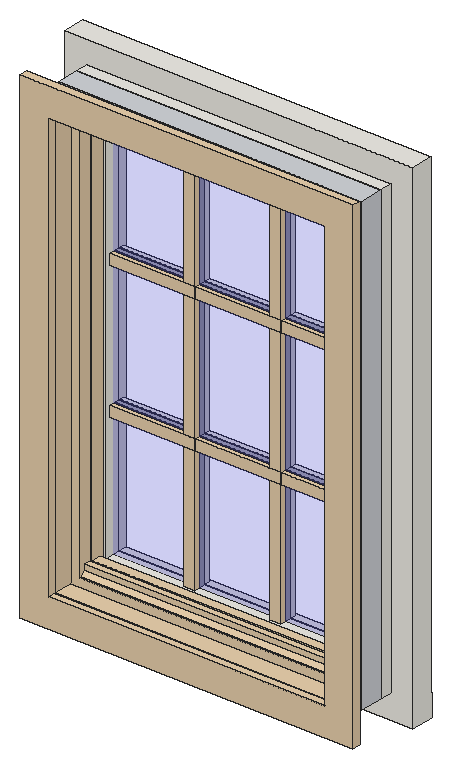
Revit family "Window-Casement-Andersen-400_Series 2", category Windows, host Wall, Revit 2013 (continued)
Dimensions and locks (in)
  aligned and locked: plane 37 "T Casing 4" to Masking region 7 sketch curve
  aligned and locked: plane 17 "L Casing 4" to Masking region 7 sketch curve
  aligned and locked: Masking region 7 sketch curve to plane 27 "R Casing 4"
  aligned and locked: Masking region 7 sketch curve to plane 43 "B Casing 2"
  aligned and locked: plane 7 "T Frame" to Masking region 8 sketch curve
  aligned and locked: plane 5 "L Frame" to Masking region 8 sketch curve
  aligned and locked: Masking region 8 sketch curve to plane 4 "R Frame"
  aligned and locked: Masking region 8 sketch curve to plane 6 "B Frame"
  aligned and locked: plane 29 "T Glazing" to curve 34
  aligned and locked: curve 36 to plane 18 "R Glazing"
  aligned and locked: plane 8 "L Glazing" to curve 35
  aligned and locked: curve 37 to plane 39 "B Glazing"
  aligned and locked: plane 7 "T Frame" to Masking region 9 sketch curve
  aligned and locked: Masking region 9 sketch curve to plane 4 "R Frame"
  aligned and locked: plane 5 "L Frame" to Masking region 9 sketch curve
  aligned and locked: Masking region 9 sketch curve to plane 6 "B Frame"
  aligned and locked: plane 31 "T Xjamb 1" to Masking region 10 sketch curve
  aligned and locked: Masking region 10 sketch curve to plane 21 "R Xjamb 1"
  aligned and locked: plane 11 "L Xjamb 1" to Masking region 10 sketch curve
  aligned and locked: Masking region 10 sketch curve to plane 56 "B Xjamb 1"
  aligned and locked: Masking region 10 sketch curve to plane 44 "B Int Casing"
  aligned and locked: plane 45 "L Int Casing" to Masking region 10 sketch curve
  aligned and locked: Masking region 10 sketch curve to plane 28 "R Int Casing"
  aligned and locked: plane 38 "T Int Casing" to Masking region 10 sketch curve
  aligned and locked: plane 5 "L Frame" to curve 43
  aligned and locked: Masking region 3 sketch curve to host wall
  aligned and locked: plane 31 "T Xjamb 1" to Extrusion 3 sketch curve
  aligned and locked: plane 33 "T Xjamb 2" to Extrusion 3 sketch curve
  aligned and locked: Extrusion 3 sketch curve to plane 21 "R Xjamb 1"
  aligned and locked: Extrusion 3 sketch curve to plane 23 "R Xjamb 2"
  aligned and locked: plane 11 "L Xjamb 1" to Extrusion 3 sketch curve
  aligned and locked: plane 13 "L Xjamb 2" to Extrusion 3 sketch curve
  aligned and locked: Extrusion 3 sketch curve to plane 56 "B Xjamb 1"
  aligned and locked: Extrusion 3 sketch curve to plane 41 "B Xjamb 2"
  aligned and locked: plane 31 "T Xjamb 1" to Extrusion 4 sketch curve
  aligned and locked: plane 38 "T Int Casing" to Extrusion 4 sketch curve
  aligned and locked: Extrusion 4 sketch curve to plane 21 "R Xjamb 1"
  aligned and locked: Extrusion 4 sketch curve to plane 28 "R Int Casing"
  aligned and locked: plane 11 "L Xjamb 1" to Extrusion 4 sketch curve
  aligned and locked: plane 45 "L Int Casing" to Extrusion 4 sketch curve
  aligned and locked: Extrusion 4 sketch curve to plane 56 "B Xjamb 1"
  aligned and locked: Extrusion 4 sketch curve to plane 44 "B Int Casing"
  aligned and locked: Extrusion 4 to host wall
  aligned and locked: Extrusion 4 to plane 58 "Interior Casing"
  aligned and locked: plane 43 "B Casing 2" to Extrusion 5 sketch curve
  aligned and locked: plane 43 "B Casing 2" to Sweep 6 sketch curve  (x2)
  aligned and locked: plane 17 "L Casing 4" to Sweep 6 sketch curve  (x2)
  aligned and locked: Sweep 6 sketch curve to plane 27 "R Casing 4"
  aligned and locked: plane 37 "T Casing 4" to Sweep 6 sketch curve
  aligned and locked: plane 16 "L Casing 3" to Sweep 6 sketch curve
  aligned and locked: plane 47 "Casing S2" to Sweep 6 sketch curve
  aligned and locked: Sweep 6 sketch curve to plane 46 "Casing S1"
  aligned and locked: plane 49 "Flange" to Sweep 6 sketch curve
  aligned and locked: Sweep 6 sketch curve to plane 12 "L Casing 1"
  aligned and locked: Sweep 6 sketch curve to plane 47 "Casing S2"
  aligned and locked: plane 15 "L Casing 2" to Sweep 6 sketch curve
  aligned and locked: Extrusion 5 to plane 17 "L Casing 4"
  aligned and locked: plane 27 "R Casing 4" to Extrusion 5
  aligned and locked: plane 32 "T Casing 1" to Extrusion 7 sketch curve
  aligned and locked: plane 37 "T Casing 4" to Extrusion 7 sketch curve
  aligned and locked: plane 12 "L Casing 1" to Extrusion 7 sketch curve
  aligned and locked: plane 17 "L Casing 4" to Extrusion 7 sketch curve
  aligned and locked: Extrusion 7 sketch curve to plane 22 "R Casing 1"
  aligned and locked: Extrusion 7 sketch curve to plane 27 "R Casing 4"
  aligned and locked: Extrusion 7 sketch curve to plane 43 "B Casing 2"
  aligned and locked: plane 46 "Casing S1" to Extrusion 7
  aligned and locked: plane 49 "Flange" to Extrusion 7
  aligned and locked: plane 8 "L Glazing" to Extrusion 8 sketch curve
  aligned and locked: Extrusion 8 sketch curve to plane 18 "R Glazing"
  aligned and locked: plane 29 "T Glazing" to Extrusion 8 sketch curve
  aligned and locked: plane 50 "Glass1 S1" to Extrusion 8
  aligned and locked: Extrusion 8 to plane 54 "Sash1 S2"
  aligned and locked: Extrusion 9 sketch curve to plane 8 "L Glazing"
  aligned and locked: Extrusion 9 sketch curve to plane 29 "T Glazing"
  aligned and locked: plane 18 "R Glazing" to Extrusion 9 sketch curve
  aligned and locked: Extrusion 9 to plane 50 "Glass1 S1"
  aligned and locked: plane 29 "T Glazing" to Extrusion 10 sketch curve
  aligned and locked: plane 8 "L Glazing" to Extrusion 10 sketch curve
  aligned and locked: Extrusion 10 sketch curve to plane 18 "R Glazing"
  aligned and locked: plane 50 "Glass1 S1" to Extrusion 10
  aligned and locked: Extrusion 10 to plane 53 "Glass1 S4"
  aligned and locked: nested 1 to plane 29 "T Glazing"
  aligned and locked: nested 1 to plane 3 "Center (Left/Right)"
  aligned and locked: plane 8 "L Glazing" to nested 2
  aligned and locked: nested 3 to plane 29 "T Glazing"
  aligned and locked: plane 8 "L Glazing" to nested 4
  aligned and locked: nested 5 to plane 29 "T Glazing"
  aligned and locked: plane 8 "L Glazing" to nested 6
  aligned and locked: plane 8 "L Glazing" to nested 7
  aligned and locked: Extrusion 5 sketch curve to plane 49 "Flange"
  aligned and locked: host wall to Masking region 11 sketch curve
  aligned and locked: plane 4 "R Frame" to Masking region 11 sketch curve
  aligned and locked: Masking region 11 sketch curve to plane 5 "L Frame"
  aligned and locked: plane 57 "Exterior Offset" to Masking region 11 sketch curve
  aligned and locked: plane 27 "R Casing 4" to Masking region 11 sketch curve
  aligned and locked: Masking region 11 sketch curve to plane 17 "L Casing 4"
  aligned and locked: plane 39 "B Glazing" to Extrusion 8 sketch curve
  aligned and locked: curve 11 to plane 66 "Sash1 S1"
  aligned and locked: plane 66 "Sash1 S1" to curve 15
  aligned and locked: plane 66 "Sash1 S1" to Extrusion 9
  aligned and locked: host wall to curve 19
  aligned and locked: plane 7 "T Frame" to Extrusion 11 sketch curve
  aligned and locked: Extrusion 11 sketch curve to plane 4 "R Frame"
  aligned and locked: Extrusion 11 sketch curve to plane 6 "B Frame"
  aligned and locked: plane 5 "L Frame" to Extrusion 11 sketch curve
  aligned and locked: plane 30 "T Ext Frame" to Extrusion 11 sketch curve
  aligned and locked: Extrusion 11 sketch curve to plane 19 "R Ext Frame"
  aligned and locked: plane 9 "L Ext Frame" to Extrusion 11 sketch curve
  aligned and locked: Extrusion 11 sketch curve to plane 40 "B Ext Frame"
  aligned and locked: plane 48 "Frame S1" to Extrusion 11
  aligned and locked: Extrusion 10 sketch curve to plane 39 "B Glazing"
  aligned and locked: plane 39 "B Glazing" to curve 28
  aligned and locked: plane 39 "B Glazing" to curve 27
  aligned and locked: plane 39 "B Glazing" to curve 29
  aligned and locked: plane 39 "B Glazing" to curve 26
  aligned and locked: plane 39 "B Glazing" to Extrusion 9 sketch curve
  aligned and locked: plane 68 "L Sash" to curve 18
  aligned and locked: plane 54 "Sash1 S2" to curve 18
  aligned and locked: plane 54 "Sash1 S2" to curve 14
  aligned and locked: plane 55 "Frame S2" to Masking region 1 sketch curve
  aligned and locked: plane 69 "Stop S1" to curve 95
  aligned and locked: plane 69 "Stop S1" to curve 93
  aligned and locked: Masking region 1 sketch curve to plane 55 "Frame S2"
  aligned and locked: plane 69 "Stop S1" to Masking region 4 sketch curve
  aligned and locked: plane 55 "Frame S2" to Masking region 4 sketch curve
  aligned and locked: Masking region 4 sketch curve to plane 55 "Frame S2"
  aligned and locked: plane 71 "T Sash" to Extrusion 9 sketch curve
  aligned and locked: plane 68 "L Sash" to Extrusion 9 sketch curve
  aligned and locked: Extrusion 9 sketch curve to plane 67 "R Sash"
  aligned and locked: plane 70 "B Sash" to Extrusion 9 sketch curve
  aligned and locked: Extrusion 8 sketch curve to plane 71 "T Sash"
  aligned and locked: Extrusion 8 sketch curve to plane 68 "L Sash"
  aligned and locked: plane 67 "R Sash" to Extrusion 8 sketch curve
  aligned and locked: plane 70 "B Sash" to Extrusion 8 sketch curve
  aligned and locked: Extrusion 11 to plane 54 "Sash1 S2"
  aligned and locked: plane 72 "T Int Frame" to Extrusion 12 sketch curve
  aligned and locked: plane 74 "L Int Frame" to Extrusion 12 sketch curve
  aligned and locked: Extrusion 12 sketch curve to plane 75 "R Int Frame"
  aligned and locked: Extrusion 12 sketch curve to plane 73 "B Int Frame"
  aligned and locked: Extrusion 12 sketch curve to plane 6 "B Frame"
  aligned and locked: Extrusion 12 sketch curve to plane 4 "R Frame"
  aligned and locked: plane 7 "T Frame" to Extrusion 12 sketch curve
  aligned and locked: plane 5 "L Frame" to Extrusion 12 sketch curve
  aligned and locked: plane 54 "Sash1 S2" to Extrusion 12
  aligned and locked: Extrusion 12 to plane 55 "Frame S2"
  aligned and locked: plane 75 "R Int Frame" to Extrusion 13
  aligned and locked: Extrusion 13 to plane 74 "L Int Frame"
  aligned and locked: Extrusion 14 sketch curve to plane 54 "Sash1 S2"
  aligned and locked: Extrusion 14 sketch curve to plane 75 "R Int Frame"
  aligned and locked: plane 69 "Stop S1" to Extrusion 14 sketch curve
  aligned and locked: plane 20 "R Stop" to Extrusion 14 sketch curve
  aligned and locked: plane 10 "L Stop" to Extrusion 14 sketch curve
  aligned and locked: plane 54 "Sash1 S2" to Extrusion 14 sketch curve
  aligned and locked: Extrusion 14 sketch curve to plane 74 "L Int Frame"
  aligned and locked: Extrusion 14 sketch curve to plane 69 "Stop S1"
  aligned and locked: plane 73 "B Int Frame" to Extrusion 14
  aligned and locked: Extrusion 14 to plane 72 "T Int Frame"
  aligned and locked: Masking region 1 sketch curve to plane 75 "R Int Frame"
  aligned and locked: Masking region 1 sketch curve to plane 74 "L Int Frame"
  aligned and locked: plane 7 "T Frame" to Sweep 15 sketch curve
  aligned and locked: plane 5 "L Frame" to Sweep 15 sketch curve
  aligned and locked: Sweep 15 sketch curve to plane 6 "B Frame"
  aligned and locked: Sweep 15 sketch curve to plane 4 "R Frame"
  aligned and locked: Sweep 15 sketch curve to plane 55 "Frame S2"
  aligned and locked: plane 65 "Xjamb S1" to Extrusion 3
  aligned and locked: host wall to Extrusion 3
  aligned and locked: Masking region 4 sketch curve to plane 72 "T Int Frame"
  aligned and locked: Masking region 4 sketch curve to plane 73 "B Int Frame"
  aligned and locked: plane 54 "Sash1 S2" to Extrusion 13 sketch curve
  aligned and locked: plane 73 "B Int Frame" to Extrusion 13 sketch curve
  aligned and locked: plane 76 "T Stop" to curve 38
  aligned and locked: plane 10 "L Stop" to curve 41
  aligned and locked: curve 39 to plane 20 "R Stop"
  aligned and locked: plane 72 "T Int Frame" to curve 116
  aligned and locked: curve 117 to plane 75 "R Int Frame"
  aligned and locked: plane 74 "L Int Frame" to curve 119
  aligned and locked: curve 118 to plane 73 "B Int Frame"
  aligned and locked: plane 71 "T Sash" to curve 120
  aligned and locked: plane 68 "L Sash" to curve 120
  aligned and locked: plane 68 "L Sash" to curve 121
  aligned and locked: plane 70 "B Sash" to curve 121
  aligned and locked: plane 67 "R Sash" to curve 121
  aligned and locked: curve 32 to plane 70 "B Sash"
  aligned and locked: plane 68 "L Sash" to curve 31
  aligned and locked: plane 71 "T Sash" to curve 30
  aligned and locked: curve 33 to plane 67 "R Sash"
  aligned and locked: plane 4 "R Frame" to curve 128
  aligned and locked: plane 5 "L Frame" to curve 128
  aligned and locked: host wall to curve 128
  aligned and locked: Masking region 12 sketch curve to plane 65 "Xjamb S1"  (x2)
  aligned and locked: Masking region 12 sketch curve to Sweep 15  (x3)
  aligned and locked: Masking region 12 sketch curve to plane 72 "T Int Frame"
  aligned and locked: Masking region 12 sketch curve to plane 69 "Stop S1"
  aligned and locked: plane 73 "B Int Frame" to Masking region 12 sketch curve
  aligned and locked: Masking region 13 sketch curve to plane 33 "T Xjamb 2"
  aligned and locked: plane 65 "Xjamb S1" to Masking region 13 sketch curve  (x2)
  aligned and locked: plane 72 "T Int Frame" to Masking region 13 sketch curve
  aligned and locked: plane 69 "Stop S1" to Masking region 13 sketch curve
  aligned and locked: Masking region 13 sketch curve to plane 73 "B Int Frame"
  aligned and locked: plane 41 "B Xjamb 2" to Masking region 13 sketch curve
  aligned and locked: host wall to Masking region 13 sketch curve
  aligned and locked: host wall to Masking region 14 sketch curve
  aligned and locked: Masking region 14 sketch curve to plane 44 "B Int Casing"
  aligned and locked: plane 58 "Interior Casing" to Masking region 14 sketch curve
  aligned and locked: plane 38 "T Int Casing" to Masking region 14 sketch curve
  aligned and locked: plane 65 "Xjamb S1" to curve 132
  aligned and locked: Sweep 15 to curve 132
  aligned and locked: plane 73 "B Int Frame" to curve 132
  aligned and locked: plane 65 "Xjamb S1" to curve 133
  aligned and locked: host wall to curve 133
  aligned and locked: plane 56 "B Xjamb 1" to curve 133
  aligned and locked: plane 58 "Interior Casing" to curve 134
  aligned and locked: plane 56 "B Xjamb 1" to curve 134
  aligned and locked: plane 65 "Xjamb S1" to curve 129
  aligned and locked: Sweep 15 to curve 129
  aligned and locked: plane 72 "T Int Frame" to curve 129
  aligned and locked: plane 65 "Xjamb S1" to curve 130
  aligned and locked: host wall to curve 130
  aligned and locked: plane 31 "T Xjamb 1" to curve 130
  aligned and locked: plane 58 "Interior Casing" to curve 131
  aligned and locked: plane 31 "T Xjamb 1" to curve 131
  aligned and locked: Masking region 15 sketch curve to plane 65 "Xjamb S1"  (x2)
  aligned and locked: plane 75 "R Int Frame" to Masking region 15 sketch curve
  aligned and locked: Masking region 15 sketch curve to plane 69 "Stop S1"
  aligned and locked: Masking region 15 sketch curve to plane 74 "L Int Frame"
  aligned and locked: Masking region 15 sketch curve to Sweep 15  (x2)
  aligned and locked: Masking region 16 sketch curve to plane 65 "Xjamb S1"  (x2)
  aligned and locked: plane 75 "R Int Frame" to Masking region 16 sketch curve
  aligned and locked: Masking region 16 sketch curve to plane 69 "Stop S1"
  aligned and locked: Masking region 16 sketch curve to plane 74 "L Int Frame"
  aligned and locked: plane 13 "L Xjamb 2" to Masking region 16 sketch curve
  aligned and locked: Masking region 16 sketch curve to host wall
  aligned and locked: Masking region 16 sketch curve to plane 23 "R Xjamb 2"
  aligned and locked: host wall to Masking region 17 sketch curve
  aligned and locked: plane 45 "L Int Casing" to Masking region 17 sketch curve
  aligned and locked: plane 58 "Interior Casing" to Masking region 17 sketch curve
  aligned and locked: Masking region 17 sketch curve to plane 28 "R Int Casing"
  aligned and locked: plane 65 "Xjamb S1" to curve 138
  aligned and locked: Sweep 15 to curve 138
  aligned and locked: plane 74 "L Int Frame" to curve 138
  aligned and locked: plane 65 "Xjamb S1" to curve 139
  aligned and locked: host wall to curve 139
  aligned and locked: plane 11 "L Xjamb 1" to curve 139
  aligned and locked: plane 58 "Interior Casing" to curve 140
  aligned and locked: plane 11 "L Xjamb 1" to curve 140
  aligned and locked: plane 65 "Xjamb S1" to curve 135
  aligned and locked: Sweep 15 to curve 135
  aligned and locked: plane 75 "R Int Frame" to curve 135
  aligned and locked: plane 65 "Xjamb S1" to curve 136
  aligned and locked: host wall to curve 136
  aligned and locked: plane 21 "R Xjamb 1" to curve 136
  aligned and locked: plane 58 "Interior Casing" to curve 137
  aligned and locked: plane 21 "R Xjamb 1" to curve 137
  aligned and locked: plane 69 "Stop S1" to Masking region 1 sketch curve
  aligned and locked: curve 40 to plane 59 "Vertical Bar Length"
  aligned and locked: Extrusion 16 sketch curve to plane 72 "T Int Frame"
  aligned and locked: plane 54 "Sash1 S2" to Extrusion 16 sketch curve
  aligned and locked: Extrusion 16 sketch curve to plane 69 "Stop S1"
  aligned and locked: Extrusion 16 to plane 74 "L Int Frame"
  aligned and locked: plane 75 "R Int Frame" to Extrusion 16
  aligned and locked: plane 4 "R Frame" to curve 44
  aligned and locked: plane 49 "Flange" to curve 44
  aligned and locked: plane 5 "L Frame" to curve 76
  aligned and locked: curve 76 to plane 49 "Flange"
  aligned and locked: plane 6 "B Frame" to curve 115
  aligned and locked: plane 49 "Flange" to curve 115
  aligned and locked: plane 7 "T Frame" to curve 114
  aligned and locked: plane 49 "Flange" to curve 114
  aligned and locked: plane 25 "R Casing 2" to curve 5
  aligned and locked: plane 47 "Casing S2" to curve 4
  aligned and locked: plane 26 "R Casing 3" to curve 4
  aligned and locked: plane 46 "Casing S1" to curve 4
  aligned and locked: plane 15 "L Casing 2" to curve 2
  aligned and locked: plane 47 "Casing S2" to cut or joined group of Extrusion 5, Sweep 6
  aligned and locked: plane 16 "L Casing 3" to curve 1
  aligned and locked: plane 46 "Casing S1" to cut or joined group of Extrusion 5, Sweep 6
  aligned and locked: plane 35 "T Casing 2" to curve 24
  aligned and locked: plane 36 "T Casing 3" to curve 23
  aligned and locked: plane 46 "Casing S1" to curve 23
  aligned and locked: Extrusion 5 sketch curve to plane 6 "B Frame"
  aligned and locked: Masking region 6 sketch curve to cut or joined group of Extrusion 5, Sweep 6
  aligned and locked: Extrusion 7 sketch curve to plane 6 "B Frame"
  aligned and locked: plane 46 "Casing S1" to curve 42
  aligned and locked: plane 46 "Casing S1" to curve 43
  aligned and locked: plane 46 "Casing S1" to curve 218
  aligned and locked: plane 49 "Flange" to curve 218
  aligned and locked: plane 55 "Frame S2" to curve 219
  aligned and locked: plane 46 "Casing S1" to curve 216
  aligned and locked: plane 49 "Flange" to curve 216
  aligned and locked: plane 55 "Frame S2" to curve 217
  aligned and locked: plane 17 "L Casing 4" to curve 218
  aligned and locked: plane 5 "L Frame" to curve 219
  aligned and locked: plane 27 "R Casing 4" to curve 216
  aligned and locked: plane 4 "R Frame" to curve 217
  aligned and locked: plane 49 "Flange" to curve 220
  aligned and locked: plane 37 "T Casing 4" to curve 220
  aligned and locked: plane 48 "Frame S1" to curve 221
  aligned and locked: plane 55 "Frame S2" to curve 221
  aligned and locked: plane 7 "T Frame" to curve 221
  aligned and locked: plane 46 "Casing S1" to curve 222
  aligned and locked: plane 49 "Flange" to curve 222
  aligned and locked: plane 43 "B Casing 2" to curve 222
  aligned and locked: plane 48 "Frame S1" to curve 223
  aligned and locked: plane 55 "Frame S2" to curve 223
  aligned and locked: plane 6 "B Frame" to curve 223
  aligned and locked: plane 49 "Flange" to curve 217
  aligned and locked: plane 49 "Flange" to curve 219
Automatic sketch dimensions
  curve 42 to curve 42 = 0' - 0 7/16"
  curve 13 to curve 13 = 0' - 1.67"
  curve 177 to curve 179 = 0' - 0.655"
  curve 179 to curve 96 = 0' - 1.549"
  curve 97 to curve 173 = 0' - 0.107"
  curve 173 to curve 103 = 0' - 0.066"
  curve 103 to curve 112 = 0' - 0.626"
  curve 100 to curve 172 = 0' - 0.844"
  curve 113 to curve 102 = 0' - 0.371"
  curve 106 to curve 105 = 0' - 0.313"
  curve 105 to curve 104 = 0' - 0.187"
  curve 104 to curve 176 = 0' - 0.07303"
  curve 180 to curve 177 = 0' - 0.345"
  curve 98 to curve 98 = 0' - 0.345"
  curve 174 to curve 97 = 0' - 0.549"
  curve 102 to curve 109 = 0' - 0.096"
  curve 96 to curve 114 = 0' - 0.451"
  curve 110 to curve 112 = 0' - 0.096"
  curve 175 to curve 175 = 0' - 0.23897"
  curve 103 to curve 113 = 0' - 0.0062"
  curve 103 to curve 179 = 0' - 0.109"
  curve 112 to curve 111 = 0' - 0.25024"
  curve 99 to curve 179 = 0' - 0.361"
  curve 111 to curve 111 = 0' - 0.23255"
  curve 102 to curve 171 = 0' - 0.053"
  curve 102 to curve 173 = 0' - 0.4378"
  curve 180 to curve 177 = 0' - 0.545"
  curve 97 to curve 100 = 0' - 0.174"
  curve 177 to curve 98 = 0' - 0 1/4"
  curve 100 to curve 106 = 0' - 0.281"
  curve 106 to curve 105 = 0' - 0.156"
  curve 100 to curve 96 = 0' - 0.533"
  curve 96 to curve 176 = 0' - 0.08989"
  curve 108 to curve 112 = 0' - 0.0062"
  curve 103 to curve 109 = 0' - 0"
  curve 108 to curve 110 = 0' - 0.13544"
  curve 99 to curve 107 = 0' - 0.081"
  curve 174 to curve 101 = 0' - 0.217"
  curve 96 to curve 114 = 0' - 0.653"
  curve 114 to curve 114 = 0' - 1 5/8"
  curve 95 to plane 20 "R Stop" = 0' - 0"
  curve 93 to plane 10 "L Stop" = 0' - 0"
  curve 92 to plane 54 "Sash1 S2" = 0' - 0"
  curve 95 to plane 54 "Sash1 S2" = 0' - 0"
  curve 94 to plane 67 "R Sash" = 0' - 0"
  curve 92 to plane 68 "L Sash" = 0' - 0"
  curve 207 to curve 183 = 0' - 0.196"
  curve 207 to curve 209 = 0' - 0.28306"
  curve 184 to curve 215 = 0' - 0.27094"
  curve 184 to curve 210 = 0' - 0.56794"
  curve 210 to curve 211 = 0' - 0.733"
  curve 211 to curve 212 = 0' - 0.267"
  curve 186 to curve 205 = 0' - 0.549"
  curve 182 to curve 201 = 0' - 0.107"
  curve 201 to curve 188 = 0' - 0.066"
  curve 188 to curve 198 = 0' - 0.626"
  curve 185 to curve 191 = 0' - 0.844"
  curve 198 to curve 196 = 0' - 0.371"
  curve 191 to curve 190 = 0' - 0.313"
  curve 190 to curve 190 = 0' - 0.187"
  curve 189 to curve 204 = 0' - 0.07303"
  curve 208 to curve 207 = 0' - 0.149"
  curve 183 to curve 183 = 0' - 0.345"
  curve 215 to curve 209 = 0' - 0.047"
  curve 188 to curve 195 = 0' - 0.096"
  curve 181 to curve 115 = 0' - 0.451"
  curve 193 to curve 198 = 0' - 0.096"
  curve 203 to curve 203 = 0' - 0.23897"
  curve 203 to curve 181 = 0' - 0.08989"
  curve 181 to curve 190 = 0' - 0.096"
  curve 190 to curve 200 = 0' - 0.156"
  curve 181 to curve 183 = 0' - 0.457"
  curve 191 to curve 185 = 0' - 0.281"
  curve 185 to curve 205 = 0' - 0.174"
  curve 182 to curve 202 = 0' - 0.0882"
  curve 182 to curve 186 = 0' - 0.217"
  curve 205 to curve 207 = 0' - 0.437"
  curve 185 to curve 199 = 0' - 0.647"
  curve 201 to curve 187 = 0' - 0.4378"
  curve 207 to curve 215 = 0' - 0.267"
  curve 187 to curve 197 = 0' - 0.23255"
  curve 214 to curve 184 = 0' - 0.07316"
  curve 186 to curve 186 = 0' - 0.768"
  curve 196 to curve 197 = 0' - 0.25024"
  curve 187 to curve 192 = 0' - 0.489"
  curve 214 to curve 210 = 0' - 0.484"
  curve 186 to curve 211 = 0' - 0.28"
  curve 115 to curve 181 = 0' - 2.153"
  curve 115 to curve 181 = 0' - 0.528"
  curve 195 to curve 188 = 0' - 0.13544"
  curve 192 to curve 186 = 0' - 0.095"
  curve 213 to curve 209 = 0' - 0.296"
  curve 197 to curve 193 = 0' - 0.0062"
  curve 188 to curve 194 = 0' - 0"
  Sweep 15 sketch curve to profile plane = 0' - 0"
  plane 39 "B Glazing" to Extrusion 13 sketch curve = 0' - 0.03"
  curve 141 to curve 141 = 0' - 0.05924"
  curve 141 to curve 50 = 0' - 0.094"
  curve 141 to curve 49 = 0' - 0.1128"
  curve 49 to curve 47 = 0' - 0.02383"
  curve 47 to curve 47 = 0' - 0.12559"
  curve 49 to curve 145 = 0' - 0.30812"
  curve 47 to curve 148 = 0' - 0.30153"
  curve 48 to curve 143 = 0' - 0.25884"
  curve 48 to curve 51 = 0' - 0.6057"
  curve 143 to curve 53 = 0' - 0.4"
  curve 45 to curve 122 = 0' - 0.531"
  curve 122 to curve 122 = 0' - 0.36"
  curve 52 to curve 52 = 0' - 0 5/8"
  curve 53 to curve 53 = 0' - 0 5/8"
  curve 44 to curve 141 = 0' - 2.04524"
  curve 44 to curve 141 = 0' - 0.54524"
  curve 147 to curve 143 = 0' - 0.291"
  curve 66 to curve 67 = 0' - 0.35617"
  curve 72 to curve 52 = 0' - 0.12475"
  curve 71 to curve 53 = 0' - 0"
  curve 70 to curve 52 = 0' - 0"
  curve 46 to curve 147 = 0' - 1.0675"
  curve 147 to curve 148 = 0' - 0.527"
  curve 46 to curve 54 = 0' - 0.722"
  curve 45 to curve 143 = 0' - 0.291"
  curve 53 to curve 52 = 0' - 0.626"
  curve 48 to curve 142 = 0' - 0.557"
  curve 47 to curve 145 = 0' - 0 1/8"
  curve 52 to curve 168 = 0' - 0.402"
  curve 49 to curve 141 = 0' - 0.275"
  curve 141 to curve 49 = 0' - 0.038"
  curve 66 to curve 168 = 0' - 0 1/4"
  curve 123 to curve 122 = 0' - 0.9325"
  curve 45 to curve 123 = 0' - 0"
  curve 53 to curve 71 = 0' - 0.096"
  curve 44 to curve 141 = 0' - 0 3/8"
  curve 70 to curve 52 = 0' - 0.096"
  curve 50 to curve 165 = 0' - 0.312"
  curve 149 to curve 149 = 0' - 0.05924"
  curve 149 to curve 61 = 0' - 0.094"
  curve 149 to curve 60 = 0' - 0.1128"
  curve 60 to curve 58 = 0' - 0.02383"
  curve 58 to curve 58 = 0' - 0.12559"
  curve 60 to curve 153 = 0' - 0.30812"
  curve 58 to curve 156 = 0' - 0.30153"
  curve 59 to curve 151 = 0' - 0.25884"
  curve 59 to curve 62 = 0' - 0.6057"
  curve 151 to curve 64 = 0' - 0.4"
  curve 56 to curve 124 = 0' - 0.531"
  curve 124 to curve 124 = 0' - 0.36"
  curve 63 to curve 63 = 0' - 0 5/8"
  curve 64 to curve 64 = 0' - 0 5/8"
  curve 55 to curve 149 = 0' - 2.04524"
  curve 55 to curve 149 = 0' - 0.54524"
  curve 155 to curve 151 = 0' - 0.291"
  curve 68 to curve 69 = 0' - 0.35617"
  curve 75 to curve 63 = 0' - 0.12475"
  curve 74 to curve 64 = 0' - 0"
  curve 73 to curve 63 = 0' - 0"
  curve 57 to curve 155 = 0' - 1.0675"
  curve 155 to curve 156 = 0' - 0.527"
  curve 57 to curve 65 = 0' - 0.722"
  curve 56 to curve 151 = 0' - 0.291"
  curve 64 to curve 63 = 0' - 0.626"
  curve 59 to curve 150 = 0' - 0.557"
  curve 58 to curve 153 = 0' - 0 1/8"
  curve 63 to curve 169 = 0' - 0.402"
  curve 60 to curve 149 = 0' - 0.275"
  curve 149 to curve 60 = 0' - 0.038"
  curve 68 to curve 169 = 0' - 0 1/4"
  curve 125 to curve 124 = 0' - 0.9325"
  curve 56 to curve 125 = 0' - 0"
  curve 64 to curve 74 = 0' - 0.096"
  curve 55 to curve 149 = 0' - 0 3/8"
  curve 73 to curve 63 = 0' - 0.096"
  curve 61 to curve 166 = 0' - 0.312"
  curve 157 to curve 157 = 0' - 0.05924"
  curve 157 to curve 82 = 0' - 0.094"
  curve 157 to curve 81 = 0' - 0.1128"
  curve 81 to curve 79 = 0' - 0.02383"
  curve 79 to curve 79 = 0' - 0.12559"
  curve 81 to curve 161 = 0' - 0.30812"
  curve 79 to curve 164 = 0' - 0.30153"
  curve 80 to curve 159 = 0' - 0.25884"
  curve 80 to curve 83 = 0' - 0.6057"
  curve 159 to curve 85 = 0' - 0.4"
  curve 77 to curve 126 = 0' - 0.531"
  curve 126 to curve 126 = 0' - 0.36"
  curve 84 to curve 84 = 0' - 0 5/8"
  curve 85 to curve 85 = 0' - 0 5/8"
  curve 76 to curve 157 = 0' - 2.04524"
  curve 76 to curve 157 = 0' - 0.54524"
  curve 163 to curve 159 = 0' - 0.291"
  curve 87 to curve 88 = 0' - 0.35617"
  curve 91 to curve 84 = 0' - 0.12475"
  curve 90 to curve 85 = 0' - 0"
  curve 89 to curve 84 = 0' - 0"
  curve 163 to curve 78 = 0' - 1.0675"
  curve 164 to curve 163 = 0' - 0.527"
  curve 86 to curve 78 = 0' - 0.722"
  curve 159 to curve 77 = 0' - 0.291"
  curve 84 to curve 85 = 0' - 0.626"
  curve 158 to curve 80 = 0' - 0.557"
  curve 161 to curve 79 = 0' - 0 1/8"
  curve 170 to curve 84 = 0' - 0.402"
  curve 157 to curve 81 = 0' - 0.275"
  curve 81 to curve 157 = 0' - 0.038"
  curve 170 to curve 87 = 0' - 0 1/4"
  curve 126 to curve 127 = 0' - 0.9325"
  curve 77 to curve 127 = 0' - 0"
  curve 90 to curve 85 = 0' - 0.096"
  curve 157 to curve 76 = 0' - 0 3/8"
  curve 84 to curve 89 = 0' - 0.096"
  curve 167 to curve 82 = 0' - 0.312"
  plane 48 "Frame S1" to curve 220 = 0' - 0 7/16"
  curve 251 to curve 227 = 0' - 0.196"
  curve 251 to curve 253 = 0' - 0.28306"
  curve 228 to curve 259 = 0' - 0.27094"
  curve 228 to curve 254 = 0' - 0.56794"
  curve 254 to curve 255 = 0' - 0.733"
  curve 255 to curve 256 = 0' - 0.267"
  curve 230 to curve 249 = 0' - 0.549"
  curve 226 to curve 245 = 0' - 0.107"
  curve 245 to curve 232 = 0' - 0.066"
  curve 232 to curve 242 = 0' - 0.626"
  curve 229 to curve 235 = 0' - 0.844"
  curve 242 to curve 240 = 0' - 0.371"
  curve 235 to curve 234 = 0' - 0.313"
  curve 234 to curve 234 = 0' - 0.187"
  curve 233 to curve 248 = 0' - 0.07303"
  curve 252 to curve 251 = 0' - 0.149"
  curve 227 to curve 227 = 0' - 0.345"
  curve 259 to curve 253 = 0' - 0.047"
  curve 232 to curve 239 = 0' - 0.096"
  curve 225 to curve 224 = 0' - 0.451"
  curve 237 to curve 242 = 0' - 0.096"
  curve 247 to curve 247 = 0' - 0.23897"
  curve 247 to curve 225 = 0' - 0.08989"
  curve 225 to curve 234 = 0' - 0.096"
  curve 234 to curve 244 = 0' - 0.156"
  curve 225 to curve 227 = 0' - 0.457"
  curve 235 to curve 229 = 0' - 0.281"
  curve 229 to curve 249 = 0' - 0.174"
  curve 226 to curve 246 = 0' - 0.0882"
  curve 226 to curve 230 = 0' - 0.217"
  curve 249 to curve 251 = 0' - 0.437"
  curve 229 to curve 243 = 0' - 0.647"
  curve 245 to curve 231 = 0' - 0.4378"
  curve 251 to curve 259 = 0' - 0.267"
  curve 231 to curve 241 = 0' - 0.23255"
  curve 258 to curve 228 = 0' - 0.07316"
  curve 230 to curve 230 = 0' - 0.768"
  curve 240 to curve 241 = 0' - 0.25024"
  curve 231 to curve 236 = 0' - 0.489"
  curve 258 to curve 254 = 0' - 0.484"
  curve 230 to curve 255 = 0' - 0.28"
  curve 224 to curve 225 = 0' - 2.153"
  curve 224 to curve 225 = 0' - 0.528"
  curve 239 to curve 232 = 0' - 0.13544"
  curve 236 to curve 230 = 0' - 0.095"
  curve 257 to curve 253 = 0' - 0.296"
  curve 241 to curve 237 = 0' - 0.0062"
  curve 232 to curve 238 = 0' - 0"
  curve 285 to curve 287 = 0' - 0.655"
  curve 287 to curve 260 = 0' - 1.549"
  curve 261 to curve 281 = 0' - 0.107"
  curve 281 to curve 267 = 0' - 0.066"
  curve 267 to curve 276 = 0' - 0.626"
  curve 264 to curve 280 = 0' - 0.844"
  curve 277 to curve 266 = 0' - 0.371"
  curve 270 to curve 269 = 0' - 0.313"
  curve 269 to curve 268 = 0' - 0.187"
  curve 268 to curve 284 = 0' - 0.07303"
  curve 288 to curve 285 = 0' - 0.345"
  curve 262 to curve 262 = 0' - 0.345"
  curve 282 to curve 261 = 0' - 0.549"
  curve 266 to curve 273 = 0' - 0.096"
  curve 260 to curve 278 = 0' - 0.451"
  curve 274 to curve 276 = 0' - 0.096"
  curve 283 to curve 283 = 0' - 0.23897"
  curve 267 to curve 277 = 0' - 0.0062"
  curve 267 to curve 287 = 0' - 0.109"
  curve 276 to curve 275 = 0' - 0.25024"
  curve 263 to curve 287 = 0' - 0.361"
  curve 275 to curve 275 = 0' - 0.23255"
  curve 266 to curve 279 = 0' - 0.053"
  curve 266 to curve 281 = 0' - 0.4378"
  curve 288 to curve 285 = 0' - 0.545"
  curve 261 to curve 264 = 0' - 0.174"
  curve 285 to curve 262 = 0' - 0 1/4"
  curve 264 to curve 270 = 0' - 0.281"
  curve 270 to curve 269 = 0' - 0.156"
  curve 264 to curve 260 = 0' - 0.533"
  curve 260 to curve 284 = 0' - 0.08989"
  curve 272 to curve 276 = 0' - 0.0062"
  curve 267 to curve 273 = 0' - 0"
  curve 272 to curve 274 = 0' - 0.13544"
  curve 263 to curve 271 = 0' - 0.081"
  curve 282 to curve 265 = 0' - 0.217"
  curve 260 to curve 278 = 0' - 0.653"
  curve 278 to curve 278 = 0' - 1 5/8"
  curve 5 to plane 22 "R Casing 1" = 0' - 0"
  curve 13 to plane 67 "R Sash" = 0' - 0"
  curve 1 to plane 46 "Casing S1" = 0' - 0"
  curve 43 to plane 48 "Frame S1" = 0' - 0"
  curve 6 to plane 48 "Frame S1" = 0' - 0"
  curve 14 to plane 48 "Frame S1" = 0' - 0"
  curve 42 to plane 4 "R Frame" = 0' - 0"
  curve 42 to plane 48 "Frame S1" = 0' - 0"
  host wall to curve 20 = 0' - 0"
  curve 19 to plane 20 "R Stop" = 0' - 0"
  curve 20 to plane 10 "L Stop" = 0' - 0"
Nested families (in)
  nested 1: "Andersen Grille Bar" at (0, 1.9105, 64.1875) x (-1, 0, 0) z (0, 1, 0), Center Line <- "Bar Center Line", Bar Length <- "TS V Bar Length", Bar Width <- "Grille Bar Size", visible <- "TS S V", type "Andersen Grille Bar"
    with Glass / 2 0' - 0 1/8", Glass 0' - 0 5/8", Center Line Length 2' - 7 3/8", Center Line 2, Bar Width 0' - 0 7/8", Bar Length 2' - 7 3/8"
  nested 2: "Andersen Grille Bar" at (0, 1.9105, 64.1875) x (0, 0, -1) z (0, 1, 0), Bar Length <- "H DLO", visible <- "TS S H", Bar Width <- "Horizontal Craftsman Bar Size", type "Andersen Grille Bar"
    with Glass / 2 0' - 0 1/8", Glass 0' - 0 5/8", Center Line Length 1' - 7 1/2", Center Line 2, Bar Width 0' - 0 7/8", Bar Length 1' - 7 1/2"
  nested 3: "Andersen Grille Bar" at (3.39583, 1.9105, 64.1875) x (-1, 0, 0) z (0, 1, 0), Center Line <- "Bar Center Line", Bar Length <- "TS V Bar Length", Bar Width <- "Grille Bar Size", visible <- "TS M V", type "Andersen Grille Bar"
    with Glass / 2 0' - 0 1/8", Glass 0' - 0 5/8", Center Line Length 2' - 7 3/8", Center Line 2, Bar Width 0' - 0 7/8", Bar Length 2' - 7 3/8"
  nested 4: "Andersen Grille Bar" at (0, 1.9105, 58.8125) x (0, 0, -1) z (0, 1, 0), Center Line <- "Bar Center Line", Bar Length <- "H DLO", visible <- "TS M H", Bar Width <- "Grille Bar Size", type "Andersen Grille Bar"
    with Glass / 2 0' - 0 1/8", Glass 0' - 0 5/8", Center Line Length 1' - 7 1/2", Center Line 2, Bar Width 0' - 0 7/8", Bar Length 1' - 7 1/2"
  nested 5: "Andersen Grille Bar" at (-3.39583, 1.9105, 64.1875) x (-1, 0, 0) z (0, 1, 0), Center Line <- "Bar Center Line", Bar Length <- "TS V Bar Length", Bar Width <- "Grille Bar Size", visible <- "TS M V", type "Andersen Grille Bar"
    with Glass / 2 0' - 0 1/8", Glass 0' - 0 5/8", Center Line Length 2' - 7 3/8", Center Line 2, Bar Width 0' - 0 7/8", Bar Length 2' - 7 3/8"
  nested 6: "Andersen Grille Bar" at (0, 1.9105, 69.5625) x (0, 0, -1) z (0, 1, 0), Center Line <- "Bar Center Line", Bar Length <- "H DLO", visible <- "TS M H", Bar Width <- "Grille Bar Size", type "Andersen Grille Bar"
    with Glass / 2 0' - 0 1/8", Glass 0' - 0 5/8", Center Line Length 1' - 7 1/2", Center Line 2, Bar Width 0' - 0 7/8", Bar Length 1' - 7 1/2"
  nested 7: "Andersen Grille Bar" at (0, 1.9105, 64.1875) x (0, 0, -1) z (0, 1, 0), Bar Length <- "H DLO", visible <- "TS S H Craftsman", Bar Width <- "Grille Bar Size", type "Andersen Grille Bar"
    with Glass / 2 0' - 0 1/8", Glass 0' - 0 5/8", Center Line Length 1' - 7 1/2", Center Line 2, Bar Width 0' - 0 7/8", Bar Length 1' - 7 1/2"
Definition of nested family "Andersen Grille Bar"
  Parameters (values of type "Andersen Grille Bar")
    Interior Bar Visibility = yes
    Interior Bar Material = none
    Glass / 2 [instance] = (Glass / 2) - 0' 0 3/16"  # 0' - 0 1/8"
    Glass [instance] = 0' - 0 5/8"
    Exterior Bar Visibility = yes
    Exterior Bar Finish = none
    Default Elevation = 4' - 0"
    Center Line Length [instance] = if(Center Line = 1, Bar Length + (Bar Width / 2), Bar Length)  # 0' - 4 7/16"
    Center Line [instance] = 1
    Between Glass Bar Visibility = yes
    Between Glass Bar Finish = none
    Bar Width [instance] = 0' - 0 7/8"
    Bar Length [instance] = 0' - 4"
  Reference planes (in)
    plane 1 "Center (Front/Back)": y = 0
    plane 2 "a": z = 0
    plane 3 "Center (Left/Right)": x = 0
    plane 4 "1": x = -0.4375
    plane 5 "2": x = 0.4375
    plane 6: y = 2
    plane 7: y = -2
    plane 8 "b": z = -0.625
    plane 9: z = -0.125
    plane 10: y = -2.4375
    plane 11 "a1": z = 12
    plane 12 "a2": z = -12
  Forms (in)
    Extrusion 1, solid
      sketch origin (0, 0, 0) x (1, 0, 0) y (0, 1, 0)
        loop
          line (-48, 48) -> (-48, -48) -> (48, -48) -> (48, 48) -> (-48, 48)
      from 0 to -12
    Extrusion 2, solid, material <- "Exterior Bar Finish", visible <- "Exterior Bar Visibility", detail levels fine
      sketch origin (0, 0, 0) x (1, 0, 0) y (0, 1, 0)
        loop
          line (-0.4375, 2) -> (-0.4375, -2) -> (0.4375, -2) -> (0.4375, 2) -> (-0.4375, 2)
      from 0 to 0.375
    Extrusion 3, solid, material <- "Between Glass Bar Finish", visible <- "Between Glass Bar Visibility", detail levels fine
      sketch origin (0, 0, 0) x (1, 0, 0) y (0, 1, 0)
        loop
          line (-0.4375, 2) -> (-0.4375, -2) -> (0.4375, -2) -> (0.4375, 2) -> (-0.4375, 2)
      from -0.5 to -0.125
    Extrusion 4, solid, material <- "Interior Bar Material", visible <- "Interior Bar Visibility", detail levels fine
      sketch origin (0, 0, 0) x (1, 0, 0) y (0, 1, 0)
        loop
          line (-0.4375, 2) -> (-0.4375, -2) -> (0.4375, -2) -> (0.4375, 2) -> (-0.4375, 2)
      from -1 to -0.625
  Lines and regions (in)
    model lines, style "GenericModel", detail levels coarse+medium
      curve 1: line (0, 2, 0) -> (0, -2.4375, 0)
    symbolic lines, style "GenericModel", detail levels coarse+medium
      curve 2: line (0, 2, 12) -> (0, -2.4375, 12)
      curve 3: line (0, 2, -12) -> (0, -2.4375, -12)
    model lines, style "InvisibleLines", not visible, detail levels coarse
      curve 4: line (0, 0, 12) -> (0, 0, -12)
    symbolic lines, detail levels fine
      curve 5: line (-0.4375, 2, 0) -> (-0.4375, -2, 0)
      curve 6: line (0.4375, 2, 0) -> (0.4375, -2, 0)
  Dimensions and locks (in)
    "Glass": plane 2 "a" to plane 8 "b"
    "Glass / 2": plane 2 "a" to plane 9
    locked: Extrusion 2 to Extrusion 2 at 0.375
    locked: plane 9 to Extrusion 3 at 0.375
    locked: plane 8 "b" to Extrusion 4 at 0.375
    equal spacing: plane 4 "1", plane 3 "Center (Left/Right)", plane 5 "2"
    equal spacing: plane 6, plane 1 "Center (Front/Back)", plane 7
    "Bar Width": plane 4 "1" to plane 5 "2"
    "Bar Length": plane 6 to plane 7
    "Center Line Length": plane 6 to plane 10
    locked: plane 11 "a1" to plane 2 "a" at 12
    locked: plane 2 "a" to plane 12 "a2" at 12
    aligned and locked: plane 2 "a" to Extrusion 1
    aligned and locked: level to Extrusion 1
    aligned and locked: Extrusion 2 to plane 2 "a"
    aligned and locked: Extrusion 2 to plane 4 "1"
    aligned and locked: plane 5 "2" to Extrusion 2
    aligned and locked: plane 6 to Extrusion 2
    aligned and locked: Extrusion 2 to plane 7
    aligned and locked: plane 9 to Extrusion 3
    aligned and locked: Extrusion 3 to plane 4 "1"
    aligned and locked: plane 5 "2" to Extrusion 3
    aligned and locked: plane 6 to Extrusion 3
    aligned and locked: Extrusion 3 to plane 7
    aligned and locked: plane 8 "b" to Extrusion 4
    aligned and locked: Extrusion 4 to plane 4 "1"
    aligned and locked: plane 5 "2" to Extrusion 4
    aligned and locked: plane 6 to Extrusion 4
    aligned and locked: Extrusion 4 to plane 7
    aligned and locked: plane 6 to curve 1
    aligned and locked: plane 10 to curve 1
    aligned and locked: curve 1 to plane 3 "Center (Left/Right)"
    aligned and locked: plane 6 to curve 2
    aligned and locked: plane 10 to curve 2
    aligned and locked: curve 2 to plane 3 "Center (Left/Right)"
    aligned and locked: plane 6 to curve 3
    aligned and locked: plane 10 to curve 3
    aligned and locked: curve 3 to plane 3 "Center (Left/Right)"
    aligned and locked: plane 11 "a1" to curve 4
    aligned and locked: plane 12 "a2" to curve 4
    aligned and locked: curve 4 to plane 1 "Center (Front/Back)"
    aligned and locked: plane 6 to curve 5
    aligned and locked: plane 6 to curve 6
    aligned and locked: plane 7 to curve 6
    aligned and locked: plane 7 to curve 5
    aligned and locked: curve 5 to plane 4 "1"
    aligned and locked: curve 6 to plane 5 "2"
  Automatic sketch dimensions
    Extrusion 1 sketch curve to Extrusion 1 sketch curve = 8' - 0"  (x2)
    plane 7 to Extrusion 2 sketch curve = 0' - 0"
    Extrusion 2 sketch curve to plane 5 "2" = 0' - 0 7/8"
    Extrusion 2 sketch curve to plane 6 = 0' - 0"
    Extrusion 2 sketch curve to Extrusion 2 sketch curve = 0' - 0 7/8"
    plane 7 to Extrusion 3 sketch curve = 0' - 0"
    Extrusion 3 sketch curve to plane 5 "2" = 0' - 0 7/8"
    Extrusion 3 sketch curve to plane 6 = 0' - 0"
    Extrusion 3 sketch curve to Extrusion 3 sketch curve = 0' - 0 7/8"
    Extrusion 4 sketch curve to plane 7 = 0' - 0"
    Extrusion 4 sketch curve to plane 5 "2" = 0' - 0 7/8"
    Extrusion 4 sketch curve to plane 6 = 0' - 0"
    Extrusion 4 sketch curve to Extrusion 4 sketch curve = 0' - 0 7/8"
